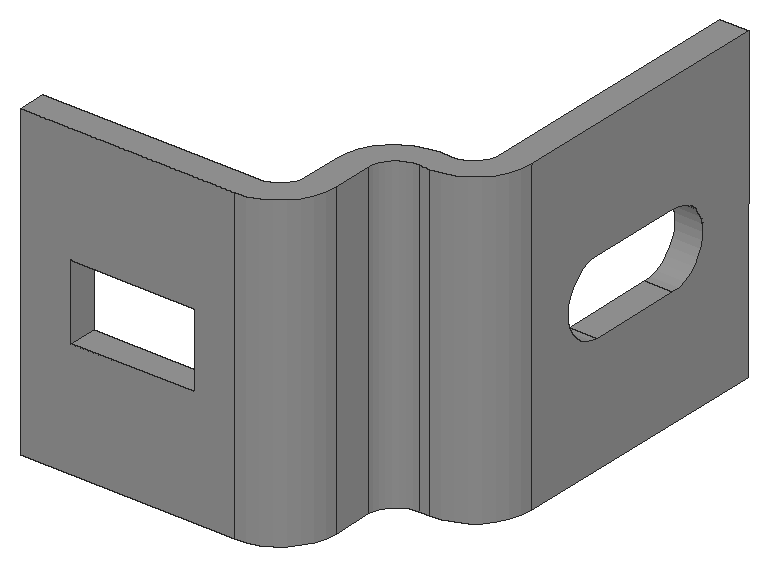
Revit family "Befestigungswinkel BW 80", category Generic Models, Revit 2015
Parameters (values of type "BW 80 55 FT")
  URL = "http://www.obo-bettermann.com"
  Material = Hot-dip galvanised
  Manufacturer Art.No. = "6019528"
  Manufacturer = "OBO Bettermann"
  GTIN = "4012196014538"
  Article Type = "BW 80 55 FT"
Reference planes
  plane 1 "Center (Front/Back)": y = 0
  plane 2: z = 0
  plane 3 "Center (Left/Right)": x = 0
  plane 4: z = 55
Forms (mm)
  Extrusion 1, solid, material "Hot-dip galvanised" <- "Material"
    sketch origin (0, 0, 0) x (1, 0, 0) y (0, 1, 0)
      loop
        line (0, 0) -> (38, 0)
        arc (38, 0) -> (45.071, 2.929) -> (48, 10) r 10
        line (48, 10) -> (48, 17)
        arc (48, 17) -> (49.464, 20.536) -> (53, 22) r 5
        line (53, 22) -> (55, 22)
        arc (55, 22) -> (62.071, 24.929) -> (65, 32) r 10
        line (65, 32) -> (65, 80) -> (60, 80) -> (60, 31.558)
        arc (60, 31.558) -> (58.536, 28.022) -> (55, 26.558) r 5
        line (55, 26.558) -> (53, 26.558)
        arc (53, 26.558) -> (45.929, 23.629) -> (43, 16.558) r 10
        line (43, 16.558) -> (43, 10)
        arc (43, 10) -> (41.536, 6.464) -> (38, 5) r 5
        line (38, 5) -> (0, 5) -> (0, 0)
    from 0 to 55
  Extrusion 2, void
    sketch origin (0, 0, 0) x (1, 0, 0) y (0, 0, 1)
      loop
        line (9, 34.15) -> (9, 20.85) -> (31, 20.85) -> (31, 34.15) -> (9, 34.15)
    from -5 to 0
  Extrusion 3, void
    sketch origin (0, 0, 0) x (0, 1, 0) y (0, 0, 1)
      loop
        arc (46.63, 34.15) -> (39.98, 27.5) -> (46.63, 20.85) r 6.65
        line (46.63, 20.85) -> (63.372, 20.85)
        arc (63.372, 20.85) -> (70.022, 27.5) -> (63.372, 34.15) r 6.65
        line (63.372, 34.15) -> (46.63, 34.15)
    from 60 to 65
Cuts and joins
  Extrusion 2, Extrusion 3 cuts Extrusion 1
Dimensions and locks
  locked: plane 3 "Center (Left/Right)" to Extrusion 1 sketch curve at 48
  locked: Extrusion 1 sketch curve to Extrusion 1 sketch curve at 22
  locked: plane 3 "Center (Left/Right)" to Extrusion 1 sketch curve at 65
  locked: plane 1 "Center (Front/Back)" to Extrusion 1 sketch curve at 80
  locked: Extrusion 1 sketch curve to Extrusion 1 sketch curve at 5  (x3)
  locked: Extrusion 1 sketch curve to Extrusion 1 sketch curve at 4.558
  locked: plane 4 to level at 55
  locked: Extrusion 2 sketch curve to Extrusion 2 sketch curve at 22
  locked: Extrusion 1 to Extrusion 2 sketch curve at 9
  locked: Extrusion 2 sketch curve to Extrusion 2 sketch curve at 13.3
  locked: Extrusion 2 sketch curve to Extrusion 1 at 20.85
  locked: Extrusion 3 sketch curve to Extrusion 3 sketch curve at 13.3
  locked: cut or joined group of Extrusion 1, Extrusion 2, Extrusion 3 to Extrusion 3 sketch curve at 20.85
  locked: Extrusion 3 sketch curve to cut or joined group of Extrusion 1, Extrusion 2, Extrusion 3 at 9.978
  locked: Extrusion 3 sketch curve to Extrusion 3 sketch curve at 16.743
  radius of Extrusion 1 sketch curve = 5 mm  (x3)
  radius of Extrusion 1 sketch curve = 10 mm  (x3)
  radius of Extrusion 3 sketch curve = 6.65 mm  (x2)
  aligned and locked: level to plane 2
  aligned and locked: plane 1 "Center (Front/Back)" to Extrusion 1 sketch curve
  aligned and locked: plane 3 "Center (Left/Right)" to Extrusion 1 sketch curve
  aligned and locked: Extrusion 1 to level
  aligned and locked: plane 4 to Extrusion 1
  aligned and locked: Extrusion 1 to Extrusion 2
  aligned and locked: plane 1 "Center (Front/Back)" to Extrusion 2
  aligned and locked: Extrusion 1 to Extrusion 3  (x2)
